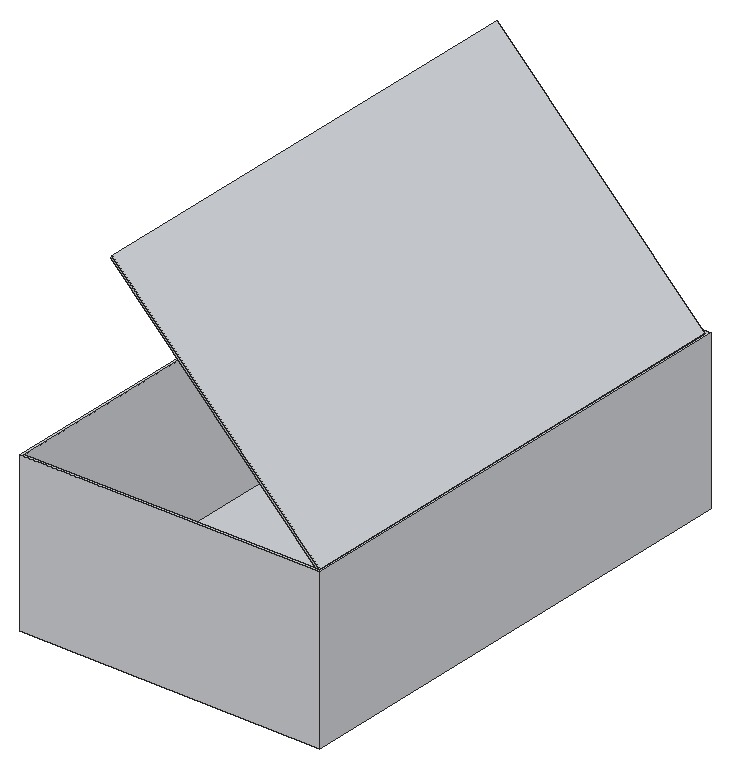
Revit family "Vector-IP65-empty-CH-en", category Electrical Equipment, host Face, Revit 2020
Family settings
  Host = Face
  Panel Configuration = Two Columns, Circuits Across
  Round Connector Dimension = Use Diameter
  Part Type = Panelboard
  Cut with Voids When Loaded = No
  Shared = No
  Room Calculation Point = No
Parameters (values of type "Surface mounted IP65 W400 H650 D210  Modular spacings - VP72A")
  Width Control [instance] = if([HG000006 - Flush mounted], if([EF000846 - Built-in width] > min_whd, [EF000846 - Built-in width], min_whd), if([EF000008 - Width] > min_whd, ([EF000008 - Width]), min_whd))  # 400 mm
  Void Depth [instance] = if([HG000006 - Flush mounted], Depth Control, 1 mm)  # 1 mm
  Type Comments = [HG000003 - Range]  # "Vector"
  System Height [instance] = Height Control - 2 * [HG000005 - Thickness]  # 644 mm
  Model = [HG000004 - Manufacturer reference]  # "VP72A"
  HG000011 - Empty rows from bottom = no
  HG000005 - Thickness = 3 mm  # constant formula
  Arrow Offset [instance] = Depth Control / 8  # 26.25 mm
  Arrow Height [instance] = Depth Control - Arrow Offset  # 183.75 mm
  Host Offset [instance] = if([HG000006 - Flush mounted], 0 mm, [EF000049 - Depth])  # 210 mm
  min_whd [instance] = (2 * [HG000005 - Thickness]) + 1 mm  # 7 mm
  Manufacturer = "Hager"  # constant formula
  Height Control [instance] = if([HG000006 - Flush mounted], if([EF000332 - Built-in height] > min_whd, [EF000332 - Built-in height], min_whd), if([EF000040 - Height] > min_whd, ([EF000040 - Height]), min_whd))  # 650 mm
  HG000010 - Asymmetric doors = no
  HG000009 - Double swing door = no
  HG000008 - Number of empty rows = 0
  HG000007 - Number of empty columns = 0
  HG000006 - Flush mounted = no
  HG000004 - Manufacturer reference = "VP72A"
  HG000003 - Range = "Vector"
  HG000002 - With door or cover = yes
  HG000001 - Number of columns = 0
  Flush Mounted - Door Frame Width [instance] = if(([EF000040 - Height] - [EF000332 - Built-in height]) > 0 mm, if([HG000006 - Flush mounted], [EF000040 - Height] - [EF000332 - Built-in height], 0 mm), 0 mm)  # 0 mm
  EF015941 - Signal passing door = no
  EF015777 - Neutral terminal block = no
  EF015776 - Earthing terminal block = no
  EF009212 - Cover model = "0"
  EF006306 - With lock = no
  EF006244 - Transparent cover/door = no
  EF005474 - Degree of protection (IP) = "EV006421 - IP65"
  EF004462 - Type of closure = "0"
  EF002950 - Width in number of modular spacings = 0
  EF001596 - Material housing = "EV000139 - Plastic"
  EF001134 - DIN-rail = no
  EF001131 - Internal depth = 0 mm
  EF001088 - Extension possible = no
  EF001062 - EMC-version = no
  EF000846 - Built-in width = 0 mm
  EF000339 - Type of cover = "EV004216 - Door"
  EF000332 - Built-in height = 0 mm
  EF000266 - Number of rows = 0
  EF000218 - Built-in depth = 0 mm
  EF000118 - With mounting plate = no
  EF000116 - RAL-number = "7035"
  EF000049 - Depth = 210 mm
  EF000040 - Height = 650 mm
  EF000008 - Width = 400 mm
  EF000007 - Colour = "EV000270 - Grey"
  EF000003 - Mounting method = "EV000384 - Surface mounted (plaster)"
  Door_Right [instance] = yes
  Door_Left [instance] = not(Door_Right)  # no
  Door Swing Angle [instance] = 45.00°
  Door 3d Visibility [instance] = yes
  Depth Control [instance] = if([HG000006 - Flush mounted], if([EF000218 - Built-in depth] > 0 mm, [EF000218 - Built-in depth], 1 mm), if([EF000049 - Depth] > 0 mm, ([EF000049 - Depth]), 1 mm))  # 210 mm
  Default Elevation = 0 mm
  Clearance Visibility [instance] = no
Types (3, lengths in mm): name | Width Control | System Height | Model | Arrow Offset | Arrow Height | Host Offset | Height Control | HG000004 - Manufacturer reference | EF000049 - Depth | EF000040 - Height | EF000008 - Width | Depth Control
  Surface mounted IP65 W250 H350 D160  Modular spacings - VP20A | 250 | 344 | "VP20A" | 20 | 140 | 160 | 350 | "VP20A" | 160 | 350 | 250 | 160
  Surface mounted IP65 W400 H500 D210  Modular spacings - VP54A | 400 | 494 | "VP54A" | 26.25 | 183.75 | 210 | 500 | "VP54A" | 210 | 500 | 400 | 210
  Surface mounted IP65 W400 H650 D210  Modular spacings - VP72A | 400 | 644 | "VP72A" | 26.25 | 183.75 | 210 | 650 | "VP72A" | 210 | 650 | 400 | 210
Reference planes
  plane 1 "Center (Front/Back)": y = 0
  plane 2: z = 0
  plane 3 "Center (Left/Right)": x = 0
  plane 4: z = 210
  plane 5: y = 3
  plane 6: z = 205
  plane 7: y = 325
  plane 8: y = 0
  plane 9: y = 650
  plane 10: z = 0
  plane 11: x = -200
  plane 12: x = 200
  plane 13: x = 197
  plane 14: x = -197
  plane 15: y = 647
  plane 16: z = 3
  plane 17: z = 207
  plane 18: z = -1
  plane 19: z = 207
Forms (mm)
  Extrusion 1, solid
    sketch origin (-583.045, 0, 1219.2) x (-1, 0, 0) y (0, 0, 1)
      loop
        line (-383.045, -1009.2) -> (-783.045, -1009.2) -> (-783.045, -1219.2) -> (-383.045, -1219.2) -> (-383.045, -1009.2)
    from 0 to 650 <- "Height Control"
  Extrusion 2, void
    sketch origin (-381.607, -4572, 210) x (0, -1, 0) y (-1, 0, 0)
      loop
        line (-5219, -184.607) -> (-5219, -578.607) -> (-4575, -578.607) -> (-4575, -184.607) -> (-5219, -184.607)
    from 0 to 207
  Extrusion 3, void
    sketch origin (0, 0, 0) x (1, 0, 0) y (0, 1, 0)
      loop
        line (-200, 0) -> (200, 0) -> (200, 650) -> (-200, 650) -> (-200, 0)
    from -1 to 1
  Extrusion 4, solid, detail levels coarse
    sketch origin (-381.607, -4572, 210) x (-1, 0, 0) y (0, -1, 0)
      loop
        line (-184.607, -5219) -> (-184.607, -4575) -> (-578.607, -4575) -> (-578.607, -5219) -> (-184.607, -5219)
    from 0 to -3
Cuts and joins
  Extrusion 2 cuts Extrusion 1
Dimensions and locks
  plane 4 to plane 6 = 5 mm
  "Host Offset": plane 4 to host face
  "Flush Mounted - Door Frame Width": plane 1 "Center (Front/Back)" to plane 8
  "HG000005 - Thickness": plane 5 to plane 8
  locked: connector elem to plane 3 "Center (Left/Right)"
  "Height Control": plane 9 to plane 8
  equal spacing: plane 9, plane 7, plane 8
  locked: connector elem to plane 7
  "Depth Control": plane 4 to plane 10
  "HG000005 - Thickness": plane 11 to plane 14
  "HG000005 - Thickness": plane 12 to plane 13
  equal spacing: plane 11, plane 3 "Center (Left/Right)", plane 12
  "Width Control": plane 11 to plane 12
  "Arrow Offset": nested 4 to plane 10
  "HG000005 - Thickness": plane 9 to plane 15
  "HG000005 - Thickness": plane 16 to plane 10
  "HG000005 - Thickness": plane 4 to plane 17
  "Void Depth": plane 2 to plane 18
  "HG000005 - Thickness": plane 4 to plane 19
  aligned and locked: plane 2 to host face
  aligned and locked: level to host face
  aligned and locked: plane 3 "Center (Left/Right)" to nested 2
  aligned and locked: plane 4 to nested 2
  aligned and locked: nested 2 to plane 8
  aligned and locked: nested 1 to plane 6
  aligned and locked: plane 5 to nested 1
  aligned and locked: nested 4 to plane 11
  aligned and locked: nested 3 to plane 4
  aligned and locked: Extrusion 1 sketch curve to plane 12
  aligned and locked: Extrusion 1 sketch curve to plane 11
  aligned and locked: nested 3 to plane 10
  aligned and locked: plane 10 to Extrusion 1 sketch curve
  aligned and locked: plane 5 to Extrusion 2 sketch curve
  aligned and locked: Extrusion 2 sketch curve to plane 15
  aligned and locked: Extrusion 2 sketch curve to plane 14
  aligned and locked: Extrusion 2 sketch curve to plane 13
  aligned and locked: plane 11 to Extrusion 3 sketch curve
  aligned and locked: plane 9 to Extrusion 3 sketch curve
  aligned and locked: Extrusion 3 sketch curve to plane 8
  aligned and locked: plane 12 to Extrusion 3 sketch curve
  aligned and locked: nested 3 to plane 12
  aligned and locked: Extrusion 3 to plane 18
  aligned and locked: Extrusion 2 to plane 16
  aligned and locked: Extrusion 1 sketch curve to plane 4
  aligned and locked: Extrusion 4 to plane 17
  aligned and locked: Extrusion 4 sketch curve to plane 15
  aligned and locked: Extrusion 4 sketch curve to plane 13
  aligned and locked: Extrusion 4 sketch curve to plane 14
  aligned and locked: plane 5 to Extrusion 4 sketch curve
Automatic sketch dimensions
  host sketch curve to host sketch curve = 1469.727 mm
  host sketch curve to host sketch curve = 1318.837 mm
Nested families
  nested 1: "Hager_Enclosure_System" at (0, 3, 205) x (1, 0, 0) z (0, 1, 0), Depth <- "HG000005 - Thickness", Height <- "System Height", Width <- "EF000008 - Width", Border <- "HG000005 - Thickness", Flush_Mounted <- "HG000006 - Flush mounted", Built-in_Width <- "EF000846 - Built-in width", Row_Module_Multiplicator <- "EF002950 - Width in number of modular spacings", Total_No_Empty_Rows <- "HG000008 - Number of empty rows", Total_No_Rows <- "EF000266 - Number of rows", Empty_Columns <- "HG000007 - Number of empty columns", No_Rows <- "EF000266 - Number of rows", No_Columns <- "HG000001 - Number of columns", Width_Control <- "Width Control", Empty_Rows_From_Bottom <- "HG000011 - Empty rows from bottom", type "Hager_Enclosure_System", detail levels medium+fine
    with Width_Control 400 mm, Width 400 mm, Total_No_Rows 0, Total_No_Empty_Rows 0, Total_No_Columns 1, System_Width 394 mm, Rows_Column 0, Row_Module_Multiplicator 0, Panel_4 no, Panel_3 no, Panel_2 no, Panel_1 no, No_Rows 0, No_Panels_Ctrl 1, No_Columns 0, Hide_Columns yes, Height 644 mm, Flush_Mounted no, Empty_Rows_From_Bottom no, Empty_Rows_Column 0, Empty_Columns 0, Depth 3 mm, Column_Width 394 mm, Built-in_Width 0 mm, Border 3 mm
  nested 2: "Hager_Enclosure_Door" at (0, 0, 210) x (1, 0, 0) z (0, 1, 0), Border <- "HG000005 - Thickness", Door_Right <- "Door_Right", Flush_Mounted <- "HG000006 - Flush mounted", Depth <- "EF000049 - Depth", Width <- "EF000008 - Width", Door_Left <- "Door_Left", 3d_Door <- "Door 3d Visibility", BuiltIn_Width <- "EF000846 - Built-in width", BuiltIn_Height <- "EF000332 - Built-in height", BuiltIn_Depth <- "EF000218 - Built-in depth", Angle <- "Door Swing Angle", Assymetrical <- "HG000010 - Asymmetric doors", Double <- "HG000009 - Double swing door", Clearance <- "Clearance Visibility", Transparent <- "EF006244 - Transparent cover/door", Door <- "HG000002 - With door or cover", Height_Ctrl <- "Height Control", Width_Ctrl <- "Width Control", Height <- "EF000040 - Height", type "Hager_Enclosure_Door", detail levels medium+fine
    with min_wh 7 mm, Width_Ctrl 400 mm, Width 400 mm, Transparent no, Leaf_Width 391 mm, Leaf_Tolerance 1.5 mm, Leaf_Height 641 mm, Leaf_2_Width 391 mm, Leaf_2_Offset 195.5 mm, Leaf_1_Width 391 mm, Leaf_1_Offset 195.5 mm, Height_Ctrl 650 mm, Height 650 mm, Frame_Width_Ctrl 400 mm, Frame_Width 400 mm, Frame_Internal_Offset 0 mm, Frame_Height_Ctrl 650 mm, Frame_Height 650 mm, Frame_Depth_Ctrl 1 mm, Frame_Depth 0 mm, Flush_Mounted no, Double_Clearance_Ctrl no, Double no, Door_Right_Ctrl yes, Door_Right yes, Door_Left_Ctrl no, Door_Left no, Door yes, Depth 210 mm, Clearance_Depth 391 mm, Clearance_Ctrl no, Clearance no, BuiltIn_Width 0 mm, BuiltIn_Height 0 mm, BuiltIn_Depth 0 mm, Border 3 mm, Assymetrical no, Angle 45.00°, 3d_Door yes
  nested 3: "Hager_Enclosure_Symbol_Triangle" at (-200, 0, 0) x (1, 0, 0) z (0, -1, 0), Depth <- "Depth Control", Width <- "Width Control", type "Hager_Enclosure_Symbol_Triangle"
    with Width_Ctrl 400 mm, Width 400 mm, Depth_Ctrl 210 mm, Depth 210 mm
  nested 4: "Hager_Enclosure_Symbol_Arrow" at (-200, 0, 26.25) x (1, 0, 0) z (0, -1, 0), Height <- "Arrow Height", type "Hager_Enclosure_Symbol_Arrow"
    with Width_Inside 13.781 mm, Width 165.375 mm, Height_Ctrl 183.75 mm, Height 183.75 mm
Connectors
  electrical at (0, 325, 0)
    settings: on plane 10, index 1, voltage 0 V, apparent load 0 VA, apparent load phase1 0 VA, apparent load phase2 0 VA, apparent load phase3 0 VA, power factor 1, load classification "Other", number of poles 1, system type 30, power factor state 1, is connector primary yes, connector utility no, sub classification motor no, connector description ""
Definition of nested family "Hager_Enclosure_Door"
  Parameters (values of type "Hager_Enclosure_Door")
    min_wh [instance] = (2 * Border) + 1 mm  # 11 mm
    Width_Ctrl [instance] = 400 mm
    Width [instance] = 500 mm
    Transparent [instance] = yes
    Leaf_Width [instance] = if((Width_Ctrl - 2 * Border - 2 * Leaf_Tolerance) > 0 mm, (Width_Ctrl - 2 * Border - 2 * Leaf_Tolerance), min_wh)  # 387 mm
    Leaf_Tolerance [instance] = 1.5 mm  # constant formula
    Leaf_Height [instance] = if((Height_Ctrl - 2 * Border - 2 * Leaf_Tolerance) > 0 mm, (Height_Ctrl - 2 * Border - 2 * Leaf_Tolerance), min_wh)  # 387 mm
    Leaf_2_Width [instance] = if(and(and(Double, Assymetrical), Door_Left), (Leaf_Width / 3) - (Leaf_Tolerance / 2), if(and(and(Double, Assymetrical), Door_Right), (Leaf_Width / 3) * 2 - (Leaf_Tolerance / 2), if(and(Double, not(Assymetrical)), (Leaf_Width / 2) - Leaf_Tolerance, Leaf_Width)))  # 192 mm
    Leaf_2_Offset [instance] = if(and(Double, Assymetrical), Leaf_2_Width / 2, if(and(Double, not(Assymetrical)), Leaf_Width / 4, Leaf_Width / 2))  # 96.75 mm
    Leaf_1_Width [instance] = if(and(and(Double, Assymetrical), Door_Right), (Leaf_Width / 3) - (Leaf_Tolerance / 2), if(and(and(Double, Assymetrical), Door_Left), (Width / 3) * 2 - (Leaf_Tolerance / 2), if(and(Double, not(Assymetrical)), (Leaf_Width / 2) - Leaf_Tolerance, Leaf_Width)))  # 192 mm
    Leaf_1_Offset [instance] = if(and(Double, Assymetrical), Leaf_1_Width / 2, if(and(Double, not(Assymetrical)), Leaf_Width / 4, Leaf_Width / 2))  # 96.75 mm
    Height_Ctrl [instance] = 400 mm
    Height [instance] = 500 mm
    Frame_Width_Ctrl [instance] = if(Frame_Width > 0 mm, Frame_Width, 1 mm)  # 1 mm
    Frame_Width [instance] = Width - BuiltIn_Width  # 0 mm
    Frame_Internal_Offset [instance] = if(Flush_Mounted, Border, 0 mm)  # 0 mm
    Frame_Height_Ctrl [instance] = if(Frame_Height > 0 mm, Frame_Height, 1 mm)  # 1 mm
    Frame_Height [instance] = Height - BuiltIn_Height  # 0 mm
    Frame_Depth_Ctrl [instance] = if(Frame_Depth > 0 mm, Frame_Depth, 1 mm)  # 1 mm
    Frame_Depth [instance] = if(Depth - BuiltIn_Depth > 0 mm, if(Flush_Mounted, Depth - BuiltIn_Depth, 0 mm), 0 mm)  # 0 mm
    Flush_Mounted [instance] = no
    Double_Clearance_Ctrl [instance] = and(Double, Clearance)  # yes
    Double [instance] = yes
    Door_Right_Ctrl [instance] = and(or(Door_Right, Double), Door)  # yes
    Door_Right [instance] = yes
    Door_Left_Ctrl [instance] = and(or(Door_Left, Double), Door)  # yes
    Door_Left [instance] = no
    Door [instance] = yes
    Depth [instance] = 500 mm
    Default Elevation = 1219.2 mm
    Clearance_Material = none
    Clearance_Depth [instance] = if(Leaf_1_Width > Leaf_2_Width, Leaf_1_Width, Leaf_2_Width)  # 192 mm
    Clearance_Ctrl [instance] = and(not(Double), Clearance)  # no
    Clearance [instance] = yes
    BuiltIn_Width [instance] = 500 mm
    BuiltIn_Height [instance] = 500 mm
    BuiltIn_Depth [instance] = 500 mm
    Border [instance] = 5 mm
    Assymetrical [instance] = no
    Angle [instance] = 65.00°
    3d_Door [instance] = yes
  Reference planes
    plane 1 "Center (Front/Back)": y = 0
    plane 2 "Bottom": z = 0
    plane 3 "Center (Left/Right)": x = 0
    plane 4: z = 400
    plane 5: x = -200
    plane 6: x = 200
    plane 7: z = 395
    plane 8: x = -195
    plane 9: z = 5
    plane 10: x = 195
    plane 11: y = 0
    plane 12: z = 6.5
    plane 13: x = -387
    plane 14: y = -192
    plane 15: x = 387
    plane 16: x = -96.75
    plane 17: x = 96.75
    plane 18: x = -193.5
    plane 19: x = 193.5
    plane 20: z = 393.5
  Forms (mm)
    Extrusion 1, solid, visible <- "Flush_Mounted"
      sketch origin (0, 0, 0) x (1, 0, 0) y (0, 0, 1)
        loop
          line (200, 0) -> (200, 400) -> (-200, 400) -> (-200, 0) -> (200, 0)
        loop
          line (-201, 401) -> (-201, -1) -> (201, -1) -> (201, 401) -> (-201, 401)
      from 0 to 1 <- "Frame_Depth_Ctrl"
    Extrusion 2, solid, material <- "Clearance_Material", visible <- "Double_Clearance_Ctrl"
      sketch origin (1200, 0, 0) x (1, 0, 0) y (0, 0, -1)
        loop
          line (-1587, -393.5) -> (-813, -393.5) -> (-813, 0) -> (-1587, 0) -> (-1587, -393.5)
      from 0 to -192
  Dimensions and locks
    equal spacing: plane 5, plane 3 "Center (Left/Right)", plane 6
    "Width_Ctrl": plane 5 to plane 6
    "Border": plane 5 to plane 8
    "Border": plane 6 to plane 10
    "Border": plane 9 to level
    "Border": plane 4 to plane 7
    "Height_Ctrl": plane 4 to level
    "Leaf_Tolerance": plane 12 to plane 9
    "Frame_Depth": plane 11 to plane 1 "Center (Front/Back)"
    "Frame_Width_Ctrl": plane 5 to Extrusion 1 sketch curve
    "Frame_Width_Ctrl": plane 6 to Extrusion 1 sketch curve
    "Frame_Width_Ctrl": Extrusion 1 sketch curve to plane 4
    "Frame_Width_Ctrl": plane 2 "Bottom" to Extrusion 1 sketch curve
    "Leaf_1_Offset": plane 18 to plane 16
    "Leaf_2_Offset": plane 17 to plane 19
    "Leaf_1_Width": plane 13 to plane 8
    "Leaf_2_Width": plane 10 to plane 15
    "Clearance_Depth": plane 14 to plane 1 "Center (Front/Back)"
    "Leaf_Tolerance": plane 8 to plane 18
    "Leaf_Tolerance": plane 19 to plane 10
    "Leaf_Tolerance": plane 7 to plane 20
    "Frame_Internal_Offset": plane 5 to Extrusion 1 sketch curve
    "Frame_Internal_Offset": Extrusion 1 sketch curve to plane 2 "Bottom"
    "Frame_Internal_Offset": plane 6 to Extrusion 1 sketch curve
    "Frame_Internal_Offset": plane 4 to Extrusion 1 sketch curve
    aligned and locked: level to plane 2 "Bottom"
    aligned and locked: nested 1 to plane 16
    aligned and locked: nested 2 to plane 17
    aligned and locked: Extrusion 2 to plane 13
    aligned and locked: plane 15 to Extrusion 2
    aligned and locked: Extrusion 2 to plane 14
    aligned and locked: plane 12 to nested 1
    aligned and locked: nested 2 to plane 12
    aligned and locked: Extrusion 2 to plane 11
    aligned and locked: plane 20 to Extrusion 2
    aligned and locked: nested 2 to plane 11
    aligned and locked: nested 1 to plane 11
  Automatic sketch dimensions
    Extrusion 2 sketch curve to level = 0 mm
    plane 5 to Extrusion 2 sketch curve = 187 mm
    plane 6 to Extrusion 2 sketch curve = 187 mm
    Extrusion 2 sketch curve to plane 4 = 6.5 mm
  Nested families
    nested 1: "Hager_Enclosure_Door_Leaf" at (-96.75, 0, 6.5), Width <- "Leaf_1_Width", visible <- "Door_Left_Ctrl", Leaf_Height <- "Leaf_Height", Angle <- "Angle", Depth <- "Border", 3d_Door <- "3d_Door", Transparent <- "Transparent", Clearance Material <- "Clearance_Material", Clearance <- "Clearance_Ctrl", type "Hager_Enclosure_Door_Leaf"
      with Width 192 mm, Transparent_Door_Border 25 mm, Transparent_Ctrl yes, Transparent yes, Standard no, Leaf_Height 387 mm, Glass_Offset 1 mm, Depth 5 mm, Clearance Material none, Clearance no, Angle_Ctrl 65.00°, Angle 65.00°, 3d_Door yes
    nested 2: "Hager_Enclosure_Door_Leaf" at (96.75, 0, 6.5) x (-1, 0, 0) z (0, 0, 1), Width <- "Leaf_2_Width", visible <- "Door_Right_Ctrl", Leaf_Height <- "Leaf_Height", Angle <- "Angle", Depth <- "Border", 3d_Door <- "3d_Door", Transparent <- "Transparent", Clearance Material <- "Clearance_Material", Clearance <- "Clearance_Ctrl", type "Hager_Enclosure_Door_Leaf"
      with Width 192 mm, Transparent_Door_Border 25 mm, Transparent_Ctrl yes, Transparent yes, Standard no, Leaf_Height 387 mm, Glass_Offset 1 mm, Depth 5 mm, Clearance Material none, Clearance no, Angle_Ctrl 65.00°, Angle 65.00°, 3d_Door yes
  Definition of nested family "Hager_Enclosure_Door_Leaf"
    Parameters (values of type "Hager_Enclosure_Door_Leaf")
      Width [instance] = 200 mm
      Transparent_Door_Border [instance] = 25 mm  # constant formula
      Transparent_Ctrl [instance] = and(Transparent, [3d_Door])  # yes
      Transparent [instance] = yes
      Standard [instance] = and(not(Transparent), [3d_Door])  # no
      Leaf_Height [instance] = 500 mm
      Glass_Offset [instance] = if((Depth - 10 mm) / 2 > 0 mm, (Depth - 10 mm) / 2, 1 mm)  # 1 mm
      Glass_Material = none
      Depth [instance] = 3 mm
      Default Elevation = 0 mm
      Clearance Material [instance] = none
      Clearance [instance] = no
      Angle_Ctrl [instance] = if(Angle > 170.00°, 170.00°, Angle)  # 163.00°
      Angle [instance] = 163.00°
      3d_Door [instance] = yes
    Reference planes
      plane 1 "Center (Front/Back)": y = 0
      plane 2: z = 0
      plane 3 "Center (Left/Right)": x = 0
      plane 4: y = 200
      plane 5: x = -100
      plane 6: x = 100
      plane 7: x = -300
      plane 8: z = 500
      plane 9: z = 25
      plane 10: z = 475
      plane 11: x = 75
      plane 12: x = -75
    Forms (mm)
      Extrusion 1, solid, material <- "Clearance Material", visible <- "Clearance"
        sketch origin (0, 0, 0) x (1, 0, 0) y (0, 0, 1)
          loop
            line (-300, 500) -> (-300, 0) -> (100, 0) -> (100, 500) -> (-300, 500)
        from 0 to -200
      Extrusion 2, solid, visible <- "Standard", detail levels fine
        sketch origin (-100, 0, 0) x (-0.956305, 0.292372, 0) y (-0.292372, -0.956305, 0)
          loop
            line (0, -3) -> (200, -3) -> (200, 0) -> (0, 0) -> (0, -3)
        from 0 to 500 <- "Leaf_Height"
      Extrusion 3, solid, visible <- "Transparent_Ctrl", detail levels fine
        sketch origin (-100, 0, 0) x (-0.956305, 0.292372, 0) y (-0.292372, -0.956305, 0)
          loop
            line (0, -3) -> (200, -3) -> (200, 0) -> (0, 0) -> (0, -3)
        from 0 to 500 <- "Leaf_Height"
      Extrusion 4, void, detail levels fine
        sketch origin (-100, 0, 0) x (-0.292372, -0.956305, 0) y (-0.956305, 0.292372, 0)
          loop
            line (0, 25) -> (0, 175) -> (-3, 175) -> (-3, 25) -> (0, 25)
        from -475 to -25
      Extrusion 5, solid, material <- "Glass_Material", visible <- "Transparent_Ctrl", detail levels fine
        sketch origin (-100, 0, 0) x (-0.956305, 0.292372, 0) y (-0.292372, -0.956305, 0)
          loop
            line (25, -1) -> (25, -2) -> (175, -2) -> (175, -1) -> (25, -1)
        from 25 to 475
    Cuts and joins
      Extrusion 4 cuts Extrusion 3
    Lines and regions (mm)
      symbolic lines
        curve 1: line (100, 0, 0) -> (-300, 0, 0)
        curve 2: arc (100, 0, 0) -> (-100, 200, 0) -> (-300, 0, 0) r 200
        curve 4: line (-100, 0, 0) -> (-291.261, 58.474, 0)
      reference lines
        curve 3: line (-100, 0, 0) -> (-291.261, 58.474, 0)
      symbolic lines, detail levels medium+fine
        curve 5: line (-291.261, 58.474, 0) -> (-290.384, 61.343, 0)
        curve 6: line (-290.384, 61.343, 0) -> (-99.123, 2.869, 0)
        curve 7: line (-99.123, 2.869, 0) -> (-100, 0, 0)
      symbolic lines, detail levels fine
        curve 8: line (-100, 0, 500) -> (100, 0, 500)
        curve 9: line (-100, 0, 0) -> (-100, 0, 500)
        curve 10: line (100, 0, 0) -> (-100, 0, 0)
        curve 11: line (100, 0, 500) -> (100, 0, 0)
      symbolic lines, visible <- "Transparent_Ctrl", detail levels fine
        curve 12: line (-75, 0, 475) -> (75, 0, 475)
        curve 13: line (-75, 0, 25) -> (-75, 0, 475)
        curve 14: line (75, 0, 25) -> (-75, 0, 25)
        curve 15: line (75, 0, 475) -> (75, 0, 25)
    Dimensions and locks
      "Width": plane 1 "Center (Front/Back)" to plane 4
      equal spacing: plane 5, plane 3 "Center (Left/Right)", plane 6
      "Width": plane 5 to plane 6
      "Width": plane 7 to plane 5
      "Leaf_Height": plane 8 to level
      "Depth": curve 6 to curve 3
      "Width": curve 5 to curve 3
      "Width": curve 3 to curve 3
      "Transparent_Door_Border": Extrusion 4 sketch curve to curve 7
      "Transparent_Door_Border": Extrusion 4 sketch curve to curve 5
      "Transparent_Door_Border": plane 8 to plane 10
      "Transparent_Door_Border": plane 9 to level
      "Glass_Offset": Extrusion 5 sketch curve to curve 4
      "Glass_Offset": Extrusion 5 sketch curve to curve 6
      "Transparent_Door_Border": Extrusion 5 sketch curve to curve 5
      "Transparent_Door_Border": Extrusion 5 sketch curve to curve 7
      "Transparent_Door_Border": plane 12 to plane 5
      "Transparent_Door_Border": plane 6 to plane 11
      "Angle_Ctrl": angle plane 1 "Center (Front/Back)" to curve 3
      aligned and locked: level to plane 2
      aligned and locked: Extrusion 1 to curve 1
      aligned and locked: plane 6 to Extrusion 1
      aligned and locked: plane 1 "Center (Front/Back)" to Extrusion 1
      aligned and locked: plane 4 to Extrusion 1
      aligned and locked: plane 8 to Extrusion 1
      aligned and locked: curve 4 to curve 3
      aligned and locked: Extrusion 2 sketch curve to curve 7
      aligned and locked: Extrusion 2 sketch curve to curve 6
      aligned and locked: Extrusion 2 sketch curve to curve 5
      aligned and locked: Extrusion 2 sketch curve to curve 3
      aligned and locked: curve 7 to Extrusion 3 sketch curve
      aligned and locked: Extrusion 3 sketch curve to curve 4
      aligned and locked: Extrusion 3 sketch curve to curve 6
      aligned and locked: Extrusion 3 sketch curve to curve 5
      aligned and locked: curve 4 to Extrusion 4 sketch curve
      aligned and locked: curve 6 to Extrusion 4 sketch curve
      aligned and locked: Extrusion 4 to plane 9
      aligned and locked: Extrusion 4 to plane 10
      aligned and locked: Extrusion 5 to plane 9
      aligned and locked: Extrusion 5 to plane 10
      aligned and locked: curve 8 to plane 8
      aligned and locked: plane 5 to curve 9
      aligned and locked: plane 2 to curve 10
      aligned and locked: curve 11 to plane 6
      aligned and locked: plane 10 to curve 12
      aligned and locked: plane 12 to curve 13
      aligned and locked: plane 9 to curve 14
      aligned and locked: plane 11 to curve 15
    Automatic sketch dimensions
      plane 1 "Center (Front/Back)" to curve 2 = 0 mm
      curve 2 to plane 5 = 0 mm
      Extrusion 1 sketch curve to level = 0 mm
      Extrusion 1 sketch curve to plane 7 = 0 mm
      Extrusion 1 sketch curve to plane 6 = 0 mm
      Extrusion 1 sketch curve to plane 8 = 0 mm
      plane 1 "Center (Front/Back)" to curve 3 = 0 mm
      curve 3 to plane 5 = 0 mm
      curve 7 to curve 3 = 0 mm
Definition of nested family "Hager_Enclosure_Symbol_Triangle"
  Parameters (values of type "Hager_Enclosure_Symbol_Triangle")
    Width_Ctrl [instance] = if(Width > 1 mm, Width, 1 mm)  # 498 mm
    Width [instance] = 498 mm
    Depth_Ctrl [instance] = if(Depth > 1 mm, Depth, 1 mm)  # 72 mm
    Depth [instance] = 72 mm
  Reference planes
    plane 1 "Centre (avant/arrière)": y = 0
    plane 2: z = 0
    plane 3 "Centre (gauche/droite)": x = 0
  Lines and regions (mm)
    Filled region 1, type "Solid_Black", in view "Niveau de réf."
      outline origin (0, 0, 0) x (1, 0, 0) y (0, 1, 0)
        loop
          line (0, 0) -> (498, 0) -> (498, 72) -> (0, 0)
    reference lines, in view "Niveau de réf."
      curve 1: line (-206.153, 72, 0) -> (1083.258, 72, 0)
      curve 2: line (498, 405.456, 0) -> (498, -517.619, 0)
  Dimensions and locks
    "Depth_Ctrl": plane 1 "Centre (avant/arrière)" to curve 1
    "Width_Ctrl": plane 3 "Centre (gauche/droite)" to curve 2
    aligned and locked: curve 1 to Filled region 1 sketch curve
    aligned and locked: Filled region 1 sketch curve to plane 1 "Centre (avant/arrière)"
    aligned and locked: curve 2 to Filled region 1 sketch curve
    aligned and locked: plane 3 "Centre (gauche/droite)" to Filled region 1 sketch curve
    aligned and locked: plane 1 "Centre (avant/arrière)" to Filled region 1 sketch curve
  Automatic sketch dimensions
    curve 1 to plane 3 "Centre (gauche/droite)" = 206.153 mm
    curve 2 to curve 1 = 585.258 mm
    plane 1 "Centre (avant/arrière)" to curve 2 = 517.619 mm
    curve 2 to plane 1 "Centre (avant/arrière)" = 405.456 mm
Definition of nested family "Hager_Enclosure_Symbol_Arrow"
  Parameters (values of type "Hager_Enclosure_Symbol_Arrow")
    Width_Inside [instance] = if(Width / 12 > 2 mm, Width / 12, 2 mm)  # 4.987 mm
    Width [instance] = if(Height_Ctrl * 0.9 > 2 mm, Height_Ctrl * 0.9, 2 mm)  # 59.85 mm
    Height_Ctrl [instance] = if(Height > 2 mm, Height, 2 mm)  # 66.5 mm
    Height [instance] = 66.5 mm
  Reference planes
    plane 1 "Centre (avant/arrière)": y = 0
    plane 2: z = 0
    plane 3 "Centre (gauche/droite)": x = 0
    plane 4: x = 59.85
    plane 5: y = 28.263
    plane 6: y = 38.238
    plane 7: y = 66.5
    plane 8: x = 29.925
    plane 9: y = 33.25
  Lines and regions (mm)
    Filled region 1, type "Solid_Black", in view "Niveau de réf."
      outline origin (0, 0, 0) x (1, 0, 0) y (0, 1, 0)
        loop
          line (59.85, 66.5) -> (37.929, 52.827) -> (51.846, 41.935) -> (59.85, 66.5)
    detail lines, in view "Niveau de réf."
      curve 1: line (0, 0, 0) -> (29.925, 38.238, 0)
      curve 2: line (29.925, 38.238, 0) -> (29.925, 28.263, 0)
      curve 3: line (29.925, 28.263, 0) -> (59.85, 66.5, 0)
  Dimensions and locks
    "Width": plane 3 "Centre (gauche/droite)" to plane 4
    "Height_Ctrl": plane 7 to plane 1 "Centre (avant/arrière)"
    equal spacing: plane 3 "Centre (gauche/droite)", plane 8, plane 4
    equal spacing: plane 7, plane 9, plane 1 "Centre (avant/arrière)"
    equal spacing: plane 6, plane 9, plane 5
    "Width_Inside": plane 6 to plane 9
    equal spacing: curve 3, Filled region 1 sketch curve, Filled region 1 sketch curve
    angle Filled region 1 sketch curve to curve 3 = 20.00°
    angle curve 3 to Filled region 1 sketch curve = 20.00°
    locked: curve 3 to Filled region 1 sketch curve (angle 90.00°)
  Automatic sketch dimensions
    plane 1 "Centre (avant/arrière)" to curve 1 = 0 mm
    curve 1 to plane 3 "Centre (gauche/droite)" = 0 mm
    curve 2 to plane 6 = 0 mm
    curve 3 to plane 8 = 0 mm
    curve 3 to plane 4 = 0 mm
    curve 2 to plane 5 = 0 mm
    curve 3 to plane 7 = 0 mm
    Filled region 1 sketch curve to plane 4 = 0 mm
    Filled region 1 sketch curve to plane 7 = 0 mm
